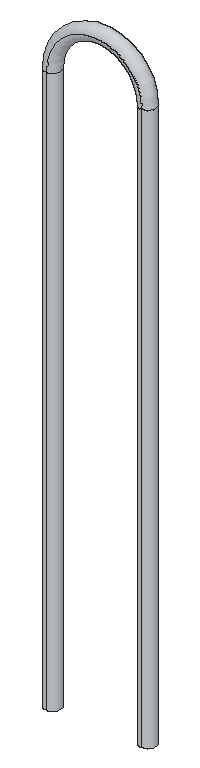
Revit family "814d07c1d1f949029deb1ae8f8b9b250", category Generic Models, Revit 2021
Family settings
  Can host rebar = No
  Round Connector Dimension = Use Diameter
  Part Type = Normal
  Work Plane-Based = No
  Always vertical = Yes
  Cut with Voids When Loaded = No
  Shared = Yes
  Room Calculation Point = No
Parameters (values of type "L=12'' B=2'' D=1/3''")
  Visibility dimension line [instance] = yes
  Length outside [instance] = 0' - 1"
  Length = 1' - 0"
  Diameter = 0' - 0 85/256"
  HalfWidth = Width / 2  # 0' - 1"
  Width = 0' - 2"
  Default Elevation = 0' - 0"
Types (3): name | Visibility dimension line | Length | Diameter | HalfWidth | Width
  (no name) | yes | 1' - 0" | 0' - 0 85/256" | 0' - 1" | 0' - 2"
  L=10'' B=1'' D=1/4'' | no | 0' - 10" | 0' - 0 1/4" | 0' - 0 1/2" | 0' - 1"
  L=12'' B=2'' D=1/3'' | yes | 1' - 0" | 0' - 0 85/256" | 0' - 1" | 0' - 2"
Reference planes (in)
  plane 1 "Center ( Front/Back)": y = 0
  plane 2: z = 0
  plane 3 "Center (Left/Right)": x = 0
Forms (in)
  Sweep 1, solid
    path origin (0, 0, 0) x (1, 0, 0) y (0, 0, 1)
      loop
        line (1, -11) -> (1, 1)
        arc (1, 1) -> (0, 2) -> (-1, 1) r 1
        line (-1, 1) -> (-1, -11)
    profile origin (-1, 0, -5) x (0, -1, 0) y (1, 0, 0)
      loop
        circle (0, 0) r 0.16602
Lines and regions (in)
  model lines, style "Dimension_Side", visible <- "Visibility dimension line"
    curve 1: line (0, 0, 0) -> (0, 0, -0.98425)
Dimensions and locks (in)
  "Length outside": Sweep 1 sketch curve to level
  "HalfWidth": plane 3 "Center (Left/Right)" to Sweep 1 sketch curve
  "HalfWidth": Sweep 1 sketch curve to plane 3 "Center (Left/Right)"
  "Length": Sweep 1 sketch curve to Sweep 1 sketch curve
  "Diameter": diameter of Sweep 1 sketch curve
  aligned and locked: level to plane 2
Automatic sketch dimensions
  curve 1 to plane 3 "Center (Left/Right)" = 0' - 0"
  curve 1 to level = 0' - 0"
  curve 1 to level = 0' - 0.98425"
  Sweep 1 sketch curve to Sweep 1 sketch curve = 0' - 0"
  plane 1 "Center ( Front/Back)" to Sweep 1 sketch curve = 0' - 0"
  Sweep 1 sketch curve to profile plane = 0' - 0"
